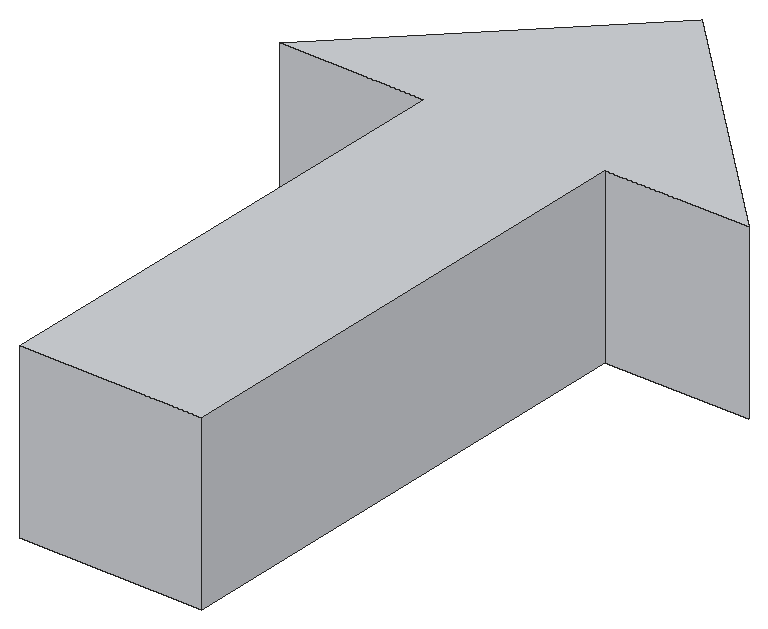
Revit family "FaceFamily", category Generic Models, Revit 2018
Family settings
  Can host rebar = No
  Round Connector Dimension = Use Diameter
  Part Type = Normal
  Work Plane-Based = No
  Always vertical = Yes
  Cut with Voids When Loaded = No
  Shared = No
  Room Calculation Point = No
Reference planes (in)
  plane 1 "Center (Front/Back)": y = 0
  plane 2: z = 0
  plane 3 "Center (Left/Right)": x = 0
Forms (in)
  Extrusion 1, solid
    sketch origin (0, 0, 0) x (1, 0, 0) y (0, 1, 0)
      loop
        line (-8.16595, 17.58082) -> (-3.16595, 17.58082) -> (-3.16595, 0) -> (3.16595, 0) -> (3.16595, 17.58082) -> (8.16595, 17.58082) -> (0, 25.74677) -> (-8.16595, 17.58082)
    from 0 to 6
Dimensions and locks (in)
  aligned and locked: plane 2 to level
